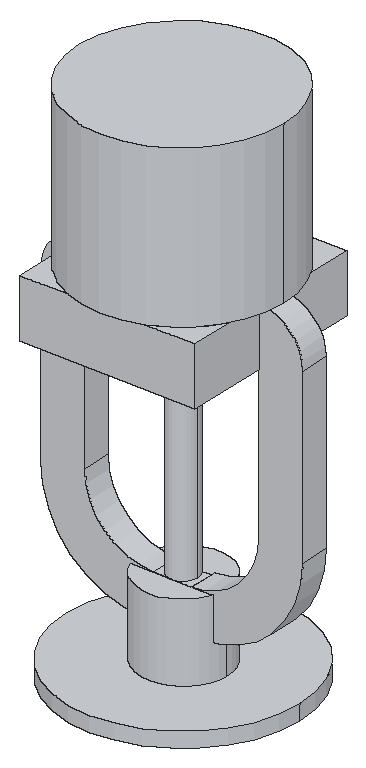
Revit family
Parameters (values of type "RASCO F156 PENDENT")
  Temperature Rating = 200 °F
  Response = (empty or 0)
  RASCO SIN # = "RA1314"
  RASCO Part # = "F56P2B"
  Pressure Rating = "175 PSI"
  Pressure Class = (empty or 0)
  Orifice Size = 1/2"
  Orifice = (empty or 0)
  Model = "F156"
  Manufacturer = "RASCO"
  K-Factor = 5.6
  Description = "Bronze Finish"
  Coverage = (empty or 0)
Reference planes (in)
  plane 1 "Center (Front/Back)": y = 0
  plane 2: z = 0
  plane 3 "Center (Left/Right)": x = 0
Dimensions and locks (in)
  aligned and locked: plane 2 to level
Nested families (in)
  nested 1: "F56P2B" at (-0.0113, 0, 2.4375) x (-1, 0, 0) z (0, 0, -1), type "RASCO F156 PENDENT"
Connectors (in)
  piping at (-0.0113, 0, 2.4375)
    settings: on nested 1, index 1, connector radius 55/128", flow factor 0, pipe flow 0 GPM, pressure drop 0.00 psi, fitting loss kfactor 0, connector angle 0.00°, fixture units 0, flow configuration 0, flow direction 0, fitting loss method 0, system type 7, connector reference index -1, connector utility 0, adjustable connector no, is connector primary yes, fitting loss table "", connector description ""
Definition of nested family "F56P2B"
  Parameters (values of type "RASCO F156 PENDENT")
    Type Comments = ""
    Temperature Rating = 0 °F
    Response = (empty or 0)
    Pressure Rating = "0"
    Pressure Class = (empty or 0)
    Orifice Size = 0"
    Orifice = (empty or 0)
    Model = ""
    Manufacturer = ""
    K-Factor = 0
    Description = ""
    Coverage = (empty or 0)
    Assembly Code = ""
  Reference planes (in)
    plane 1 "Center (Front/Back)": y = 0
    plane 2: z = 0
    plane 3 "ref.2": z = 0.6875
    plane 4 "ref.3": z = 0.9375
    plane 5: x = -0.38065
    plane 6: x = 0.36935
    plane 7 "ref. side 1": y = 0.06402
    plane 8 "ref. side 2": y = -0.06098
    plane 9 "ref.4": z = 1.875
    plane 10 "ref.5": z = 2.3125
    plane 11 "ref.6": z = 2.4375
  Forms (in)
    Extrusion 1, solid
      sketch origin (0, 0, 0) x (1, 0, 0) y (0, 1, 0)
        loop
          circle (0, 0) r 0.4379
      from 0 to 0.6875
    Extrusion 2, solid
      sketch origin (-0.12185, 0.05177, 0.6875) x (1, 0, 0) y (0, 1, 0)
        loop
          line (-0.2588, 0.356) -> (-0.2588, -0.4565) -> (0.4912, -0.4565) -> (0.4912, 0.356) -> (-0.2588, 0.356)
      from 0 to 0.25
    Extrusion 3, solid
      sketch origin (0, 0, 0) x (1, 0, 0) y (0, 0, 1)
        loop
          line (-0.38065, 0.68754) -> (-0.38065, 1.58397)
          arc (-0.38065, 1.58397) -> (-0.29541, 1.78976) -> (-0.08962, 1.875) r 0.29103
          line (-0.08962, 1.875) -> (0.07524, 1.875)
          arc (0.07524, 1.875) -> (0.28321, 1.78886) -> (0.36935, 1.58089) r 0.29411
          line (0.36935, 1.58089) -> (0.36935, 0.68751)
          arc (0.36935, 0.68751) -> (0.50207, 0.74393) -> (0.55685, 0.87734) r 0.18984
          line (0.55685, 0.87734) -> (0.55685, 1.61676)
          arc (0.55685, 1.61676) -> (0.42629, 1.93194) -> (0.11111, 2.0625) r 0.44574
          line (0.11111, 2.0625) -> (-0.12259, 2.0625)
          arc (-0.12259, 2.0625) -> (-0.43765, 1.932) -> (-0.56815, 1.61694) r 0.44556
          line (-0.56815, 1.61694) -> (-0.56815, 0.87876)
          arc (-0.56815, 0.87876) -> (-0.51345, 0.74486) -> (-0.38065, 0.68754) r 0.19126
      from -0.06402 to 0.06098
    Extrusion 4, solid
      sketch origin (0, 0, 0.9375) x (-1, 0, 0) y (0, -1, 0)
        loop
          circle (0.00574, -0.00152) r 0.0625
      from 0 to 0.9375
    Extrusion 5, solid
      sketch origin (0, 0, 1.875) x (-1, 0, 0) y (0, -1, 0)
        loop
          circle (0.00574, -0.00152) r 0.1875
      from 0 to 0.4375
    Extrusion 6, solid
      sketch origin (0, 0, 2.3125) x (0, -1, 0) y (1, 0, 0)
        loop
          circle (-0.00152, -0.00574) r 0.5
      from -0.10531 to -0.03987
  Cuts and joins
    joined: Extrusion 1, Extrusion 2, Extrusion 4
  Lines and regions (in)
    model lines
      curve 1: line (-0.00574, 0.06402, 1.875) -> (-0.00574, -0.06098, 1.875)
